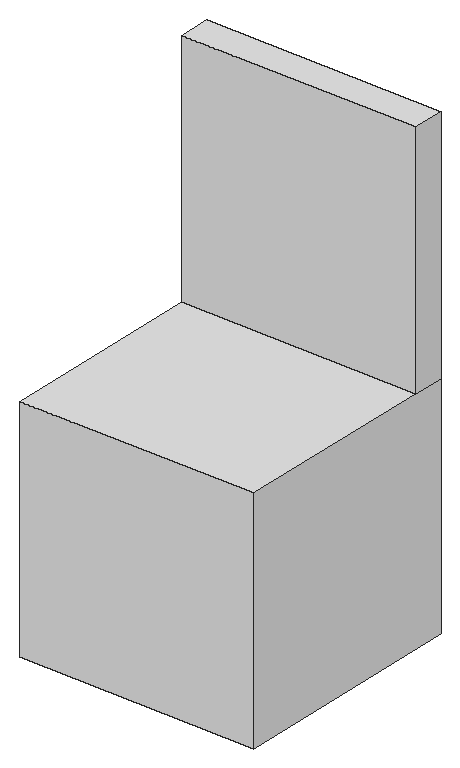
Revit family "LE Chair", category Furniture, Revit 2018
Family settings
  OmniClass Number = 23.40.20.00
  OmniClass Title = General Furniture and Specialties
  Work Plane-Based = No
  Always vertical = Yes
  Cut with Voids When Loaded = No
  Shared = No
  Room Calculation Point = No
Parameters (values of type "450mm Standard")
  Width = 450 mm
  URL = "https://studiole.uk"
  Seat Height = 440 mm
  Manufacturer = "LE"
  Height = 400 mm
  Depth = 450 mm
  Chair Material = Generic, White
  Back Height = 900 mm
Reference planes
  plane 1 "Center (Front/Back)": y = 0
  plane 2: z = 0
  plane 3 "Center (Left/Right)": x = 0
  plane 4 "Left": x = -225
  plane 5 "Right": x = 225
  plane 6 "Back": y = 225
  plane 7 "Front": y = -225
  plane 8 "Center L/T": y = 165
Forms (mm)
  Extrusion 1, solid, material "Generic, White" <- "Chair Material"
    sketch origin (0, 0, 0) x (1, 0, 0) y (0, 1, 0)
      loop
        line (-225, 225) -> (-225, -225) -> (225, -225) -> (225, 225) -> (-225, 225)
    from 0 to 440 <- "Seat Height"
  Extrusion 2, solid, material "Generic, White" <- "Chair Material"
    sketch origin (0, 0, 0) x (1, 0, 0) y (0, 1, 0)
      loop
        line (-225, 165) -> (225, 165) -> (225, 225) -> (-225, 225) -> (-225, 165)
    from 440 <- "Seat Height" to 900 <- "Back Height"
Dimensions and locks
  equal spacing: plane 4 "Left", plane 3 "Center (Left/Right)", plane 5 "Right"
  "Width": plane 4 "Left" to plane 5 "Right"
  "Depth": plane 7 "Front" to plane 6 "Back"
  equal spacing: plane 7 "Front", plane 1 "Center (Front/Back)", plane 6 "Back"
  plane 6 "Back" to plane 8 "Center L/T" = 60 mm
  aligned and locked: level to plane 2
Automatic sketch dimensions
  Extrusion 1 sketch curve to plane 4 "Left" = 0 mm
  Extrusion 1 sketch curve to plane 5 "Right" = 0 mm
  plane 7 "Front" to Extrusion 1 sketch curve = 0 mm
  Extrusion 1 sketch curve to plane 6 "Back" = 0 mm
  Extrusion 2 sketch curve to plane 4 "Left" = 0 mm
  Extrusion 2 sketch curve to plane 5 "Right" = 0 mm
  Extrusion 2 sketch curve to plane 8 "Center L/T" = 0 mm
  Extrusion 2 sketch curve to plane 6 "Back" = 0 mm
